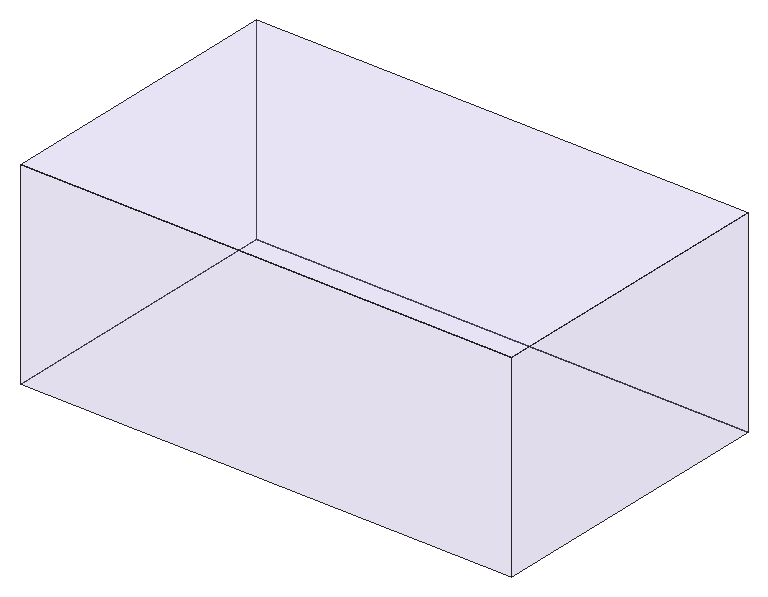
Revit family
Parameters (values of type "30000 x 18000 x 12000")
  Width [instance] = 30000 mm
  Material [instance] = none
  Height [instance] = 12000 mm
  Depth [instance] = 18000 mm
Reference planes
  plane 1 "Center (Front/Back)": y = 12.955
  plane 2: z = 0
  plane 3 "Center (Left/Right)": x = -30.261
  plane 4: y = 9012.955
  plane 5: x = 14969.739
  plane 6: x = -15030.261
  plane 7: y = -8987.045
  plane 8: z = 12000
Forms (mm)
  Extrusion 1, solid, material <- "Material"
    sketch origin (0, 0, 0) x (1, 0, 0) y (0, 1, 0)
      loop
        line (-15030.261, 9012.955) -> (-15030.261, -8987.045) -> (14969.739, -8987.045) -> (14969.739, 9012.955) -> (-15030.261, 9012.955)
    from 0 to 12000
Dimensions and locks
  Extrusion 1 sketch curve to plane 3 "Center (Left/Right)" to Extrusion 1 sketch curve = 15000 mm, 15000 mm
  Extrusion 1 sketch curve to plane 1 "Center (Front/Back)" to Extrusion 1 sketch curve = 9000 mm, 9000 mm
  plane 6 to plane 3 "Center (Left/Right)" to plane 5 = 15000 mm, 15000 mm
  "Width": plane 6 to plane 5
  plane 4 to plane 1 "Center (Front/Back)" to plane 7 = 9000 mm, 9000 mm
  "Depth": plane 4 to plane 7
  "Height": plane 8 to level
  aligned: Extrusion 1 sketch curve to plane 4
  aligned: Extrusion 1 sketch curve to plane 6
  aligned: Extrusion 1 to plane 8
